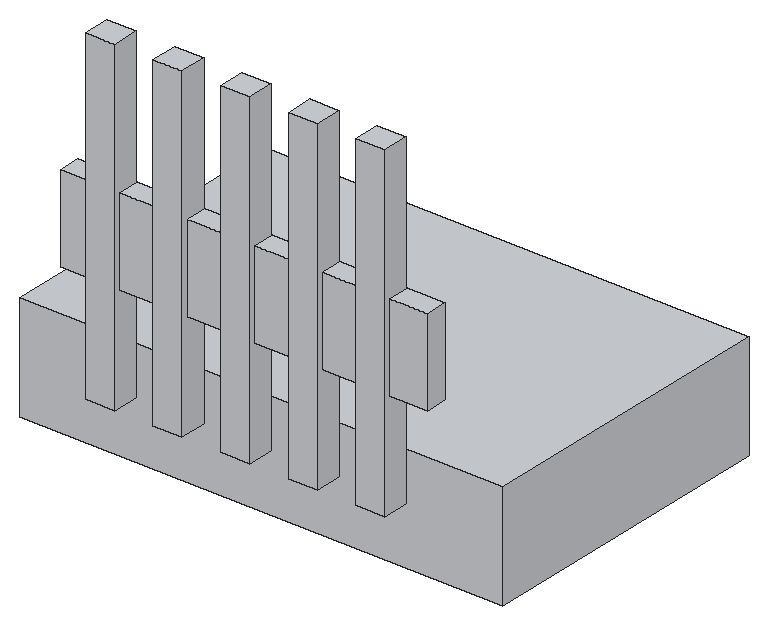
Revit family "GIS_Transformer_Fan", category Modelos genéricos, Revit 2027
Family settings
  Pode hospedar o vergalhão = Não
  Cota do conector redondo = Utilizar diâmetro
  Tipo de parte = Normal
  Com base no plano de trabalho = Não
  Sempre na vertical = Sim
  Corte com vazios quando carregada = Não
  Manter orientação da anotação = Não
  Compartilhado = Não
  Ponto de cálculo do ambiente = Não
Parameters (values of type "TR_FAN_STUDY")
  Elevação padrão = 0 mm
  BIM_TensaoSecundaria_kV = 0
  BIM_TensaoNominal_kV = 0
  BIM_TensaoClasse_kV = 0
  BIM_TensaoClasseSecundaria_kV = 0
  BIM_Sistema_Elemento [instance] = ""
  BIM_ReferenciaCatalogo = "Portfolio estimate; cooling equipment datasheet pending"
  BIM_Profundidade = 350 mm
  BIM_Potencia_MVA = 0
  BIM_Localizacao [instance] = ""
  BIM_Largura = 550 mm
  BIM_Impedancia_pu = 0
  BIM_FonteGeometria = "Portfolio estimate; cooling equipment datasheet pending"
  BIM_Fabricante = "NAO SELECIONADO"
  BIM_EstadoGeometria = "ESTIMATED"
  BIM_EstadoEspecificacao = "PREMISSA / NAO SELECIONADO"
  BIM_DescricaoEstudo = "Ventilador conceitual de radiador; potencia e comando pendentes."
  BIM_CorrenteReferenciaSecundaria_A = 0
  BIM_CorrenteNominal_A = 0
  BIM_Bay [instance] = ""
  BIM_AlturaCorpoPrincipal = 121 mm
  BIM_Altura = 550 mm
Reference planes
  plane 1 "Centro (Frente/Trás)": y = 0
  plane 2: z = 0
  plane 3 "Centro (Esquerda/Direita)": x = 0
  plane 4 "BIM Left": x = -275
  plane 5 "BIM Right": x = 275
  plane 6 "BIM Front": y = -175
  plane 7 "BIM Back": y = 175
Forms (mm)
  Extrusion 1, solid
    sketch origin (0, 0, 0) x (1, 0, 0) y (0, 1, 0)
      loop
        line (-275, -175) -> (275, -175) -> (275, 175) -> (-275, 175) -> (-275, -175)
    from 0 to 121 <- "BIM_AlturaCorpoPrincipal"
  Extrusion 2, solid
    sketch origin (0, 0, 187) x (1, 0, 0) y (0, 1, 0)
      loop
        line (-209, -199.384) -> (209, -199.384) -> (209, -175) -> (-209, -175) -> (-209, -199.384)
    from 0 to 99
  Extrusion 3, solid
    sketch origin (0, 0, 66) x (1, 0, 0) y (0, 1, 0)
      loop
        line (-176, -205.48) -> (-143, -205.48) -> (-143, -175) -> (-176, -175) -> (-176, -205.48)
    from 0 to 374
  Extrusion 4, solid
    sketch origin (0, 0, 66) x (1, 0, 0) y (0, 1, 0)
      loop
        line (-99, -205.48) -> (-66, -205.48) -> (-66, -175) -> (-99, -175) -> (-99, -205.48)
    from 0 to 374
  Extrusion 5, solid
    sketch origin (0, 0, 66) x (1, 0, 0) y (0, 1, 0)
      loop
        line (-22, -205.48) -> (11, -205.48) -> (11, -175) -> (-22, -175) -> (-22, -205.48)
    from 0 to 374
  Extrusion 6, solid
    sketch origin (0, 0, 66) x (1, 0, 0) y (0, 1, 0)
      loop
        line (55, -205.48) -> (88, -205.48) -> (88, -175) -> (55, -175) -> (55, -205.48)
    from 0 to 374
  Extrusion 7, solid
    sketch origin (0, 0, 66) x (1, 0, 0) y (0, 1, 0)
      loop
        line (132, -205.48) -> (165, -205.48) -> (165, -175) -> (132, -175) -> (132, -205.48)
    from 0 to 374
Dimensions and locks
  "BIM_Largura": plane 4 "BIM Left" to plane 5 "BIM Right"
  "BIM_Profundidade": plane 6 "BIM Front" to plane 7 "BIM Back"
  aligned and locked: level to plane 2
  aligned and locked: plane 4 "BIM Left" to Extrusion 1
  aligned and locked: Extrusion 1 to plane 5 "BIM Right"
  aligned and locked: Extrusion 1 to plane 6 "BIM Front"
  aligned and locked: plane 7 "BIM Back" to Extrusion 1
Automatic sketch dimensions
  Extrusion 1 sketch curve to plane 4 "BIM Left" = 0 mm
  Extrusion 1 sketch curve to plane 5 "BIM Right" = 0 mm
  Extrusion 1 sketch curve to plane 6 "BIM Front" = 0 mm
  Extrusion 1 sketch curve to plane 7 "BIM Back" = 0 mm
  Extrusion 2 sketch curve to plane 6 "BIM Front" = 0 mm
  Extrusion 2 sketch curve to plane 6 "BIM Front" = 24.384 mm
  Extrusion 2 sketch curve to plane 4 "BIM Left" = 66 mm
  plane 5 "BIM Right" to Extrusion 2 sketch curve = 66 mm
  Extrusion 3 sketch curve to plane 6 "BIM Front" = 0 mm
  Extrusion 3 sketch curve to plane 6 "BIM Front" = 30.48 mm
  Extrusion 3 sketch curve to plane 4 "BIM Left" = 99 mm
  Extrusion 3 sketch curve to Extrusion 3 sketch curve = 33 mm
  Extrusion 4 sketch curve to plane 6 "BIM Front" = 0 mm
  Extrusion 4 sketch curve to plane 6 "BIM Front" = 30.48 mm
  Extrusion 4 sketch curve to plane 3 "Centro (Esquerda/Direita)" = 99 mm
  Extrusion 4 sketch curve to Extrusion 4 sketch curve = 33 mm
  Extrusion 5 sketch curve to plane 6 "BIM Front" = 0 mm
  Extrusion 5 sketch curve to plane 3 "Centro (Esquerda/Direita)" = 22 mm
  plane 3 "Centro (Esquerda/Direita)" to Extrusion 5 sketch curve = 11 mm
  Extrusion 5 sketch curve to plane 6 "BIM Front" = 30.48 mm
  Extrusion 6 sketch curve to plane 6 "BIM Front" = 0 mm
  plane 3 "Centro (Esquerda/Direita)" to Extrusion 6 sketch curve = 55 mm
  Extrusion 6 sketch curve to Extrusion 6 sketch curve = 33 mm
  Extrusion 6 sketch curve to plane 6 "BIM Front" = 30.48 mm
  Extrusion 7 sketch curve to plane 6 "BIM Front" = 0 mm
  Extrusion 7 sketch curve to plane 6 "BIM Front" = 30.48 mm
  plane 3 "Centro (Esquerda/Direita)" to Extrusion 7 sketch curve = 132 mm
  Extrusion 7 sketch curve to Extrusion 7 sketch curve = 33 mm
